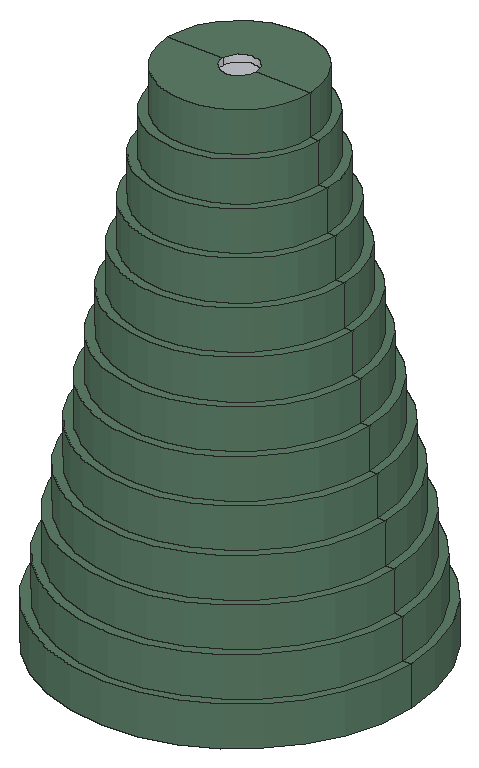
Revit family "PEK SHADE", category Lighting Fixtures, Revit 2024
Family settings
  Round Connector Dimension = Use Diameter
  Part Type = Normal
  OmniClass Number = 23.80.70.00
  OmniClass Title = Lighting
  Work Plane-Based = No
  Always vertical = Yes
  Cut with Voids When Loaded = No
  Light Source = Yes
  Maintain Annotation Orientation = No
  Shared = No
  Room Calculation Point = No
Parameters
  Wattage = 12.1178 W
  built-in parameter 1150110 = 1 (stored number, unit not read)
  built-in parameter 1114217 = 1 (stored number, unit not read)
  built-in parameter 1150109 = 1 (stored number, unit not read)
  built-in parameter 1150134 = (empty or 0)
  built-in parameter 1150113 = 1 (stored number, unit not read)
  Lumens = 1800 lm
  built-in parameter 1150115 = 1 (stored number, unit not read)
  built-in parameter 1150105 = 572.96 (stored number, unit not read)
  Light Source Symbol Size = 2' - 0"
  built-in parameter 1150137 = (empty or 0)
  built-in parameter 1150139 = (empty or 0)
  built-in parameter 1150112 = 1 (stored number, unit not read)
  built-in parameter 1150114 = 1 (stored number, unit not read)
  built-in parameter 1150132 = 2
  built-in parameter 1150102 = (empty or 0)
  built-in parameter 1150138 = (empty or 0)
  built-in parameter 1150107 = 3000 (stored number, unit not read)
  built-in parameter 1150106 = 5.7296 (stored number, unit not read)
  built-in parameter 1150104 = 13.8 (stored number, unit not read)
  Dimming Lamp Color Temperature Shift = (empty or 0)
  Default Elevation = 0' - 0"
  Color Filter = 16777215
  built-in parameter 1114218 = 1 (stored number, unit not read)
  built-in parameter 1150133 = 10 (stored number, unit not read)
Reference planes (in)
  plane 1 "Light Source Axis (F/B)": y = 0
  plane 2: z = 0
  plane 3 "Light Source Axis (L/R)": x = 0
  plane 4 "Light Source Elevation": z = 84
Forms (in)
  Revolve 1, solid
    sketch origin (0, 0, 0) x (1, 0, 0) y (0, 0, 1)
      loop
        line (-0.25, 91.5) -> (-1.03713, 91.5) -> (-1.03713, 90.9228) -> (-1.15903, 90.9228) -> (-1.15903, 90.3459) -> (-1.28094, 90.3459) -> (-1.28094, 89.769) -> (-1.40285, 89.769) -> (-1.40285, 89.1921) -> (-1.52475, 89.1921) -> (-1.52475, 88.6152) -> (-1.64663, 88.6152) -> (-1.64663, 88.03845) -> (-1.76856, 88.03845) -> (-1.76856, 87.4614) -> (-1.89047, 87.4614) -> (-1.89047, 86.8845) -> (-2.01238, 86.8845) -> (-2.01238, 86.3076) -> (-2.13428, 86.3076) -> (-2.13428, 85.7307) -> (-2.25619, 85.7307) -> (-2.25619, 85.1538) -> (-2.37809, 85.1538) -> (-2.37809, 84.5769) -> (-2.5, 84.5769) -> (-2.5, 84) -> (-2.40625, 84) -> (-2.40625, 84.48315) -> (-2.28434, 84.48315) -> (-2.28434, 85.06005) -> (-2.16244, 85.06005) -> (-2.16244, 85.63695) -> (-2.04053, 85.63695) -> (-2.04053, 86.21385) -> (-1.91863, 86.21385) -> (-1.91863, 86.79075) -> (-1.79672, 86.79075) -> (-1.79672, 87.36765) -> (-1.67481, 87.36765) -> (-1.67481, 87.9447) -> (-1.55288, 87.9447) -> (-1.55288, 88.52145) -> (-1.431, 88.52145) -> (-1.431, 89.09835) -> (-1.3091, 89.09835) -> (-1.3091, 89.67525) -> (-1.18719, 89.67525) -> (-1.18719, 90.25215) -> (-1.06528, 90.25215) -> (-1.06528, 90.82905) -> (-0.94338, 90.82905) -> (-0.94338, 91.40625) -> (-0.25, 91.40625) -> (-0.25, 91.5)
      axis (0, 91.5) -> (0, 84)
    angle from 0 to 360
Dimensions and locks (in)
  aligned and locked: plane 3 "Light Source Axis (L/R)" to imposter light
  aligned and locked: plane 1 "Light Source Axis (F/B)" to imposter light
  aligned and locked: plane 4 "Light Source Elevation" to imposter light
  aligned and locked: level to plane 2
